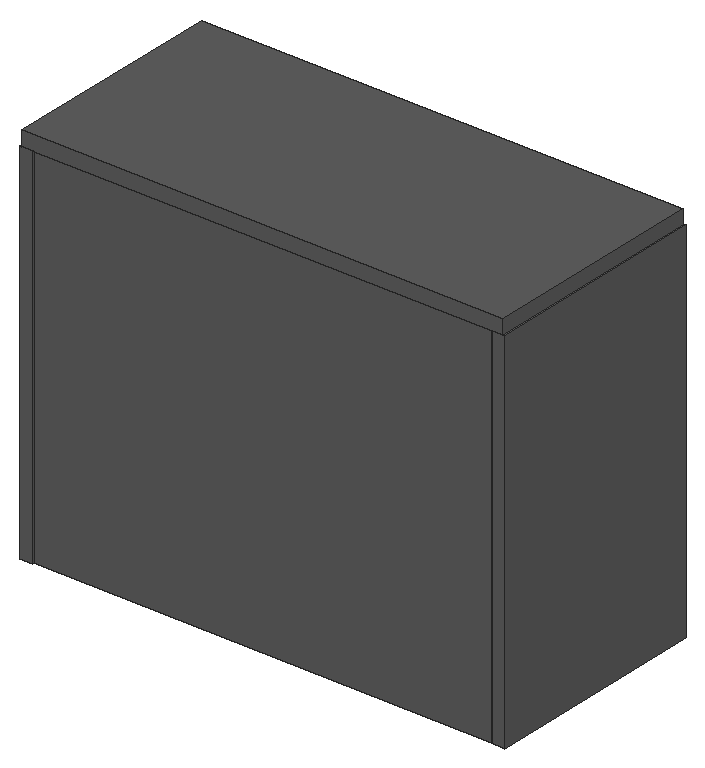
Revit family "SideUnit-60cm-WithDrawer-Vitra-OriginSeries-65698+65699+65700", category Furniture Systems, host Face, Revit 2017
Family settings
  Host = Face
  Round Connector Dimension = Use Diameter
  Part Type = Normal
  OmniClass Number = 23.40.00.00
  OmniClass Title = Equipment and Furnishings
  Cut with Voids When Loaded = No
  Shared = Yes
  Room Calculation Point = No
Parameters (values of type "SideUnit-60cm-Vitra-OriginSeries-65698")
  Youtube = "https://www.youtube.com/user/VitrAglobal"
  Weight Net (kg) = ""
  Warranty Period (Year) = "2"
  Uniformat II Description = "FURNISHINGS"
  Uniformat II Code = "E20"
  Uniclass 2015 Name = "Wash basins, sinks and troughs"
  Uniclass 2015 Code = "Pr_40_20_93"
  Uniclass 2.0 Description = "Bathroom Cabinets"
  Uniclass 2.0 Code = "PR-35-75-08"
  Uniclass 1.4 Description = "Bathroom Cabinets"
  Uniclass 1.4 Code = "L8241"
  URL = "https://vitraglobal.com/"
  UNSPSC Description = "Bathroom Cabinets"
  UNSPSC Code = ""
  Technical description = "https://www.vitraglobal.com/pdf/65698/"
  Tap hole Options (default) = ""
  Specification = ""
  Region South America = "All"
  Region Oceania = "All"
  Region North America = "All"
  Region Middle East = "All"
  Region Europe = "All"
  Region Asia = "All"
  Region Antarctica = "All"
  Region Africa = "All"
  Product url = "https://www.vitraglobal.com/bathroom-furniture/counters/storage-tables/origin-short-side-unit-with-drawer-sku-65698/"
  Product manual = ""
  Product group = "Short Side Unit"
  Product family = "Origin"
  Product data url = "https://www.bimobject.com/vitra-bathrooms/product/65698-65699-65700"
  Product certification = "https://www.vitraglobal.com/brochures/"
  Product SKU = "65698"
  Product Guid = "https://www.vitraglobal.com/uyeIslem/fileDownload.aspx?udkEnc=/FXbxrxBxkbMQjMzPRjVCdf6mbO9vEmCg5+njI+uzyqZOBYTbSJ3i5FVo+w3YOx8LcKi5VXAAY7UUYlywMBAfw==&lang=en-US"
  Primary Material = Patterned Black Oak
  OmniClass Description = "Bathroom Cabinets"
  OmniClass Code = "23-31 25 13"
  Nominal Width (mm) = 600 mm
  Nominal Height (mm) = 295 mm
  Nominal Depth (mm) = 480 mm
  NBS Referans Description = "Bathroom Cabinets"
  NBS Referans Code = "35-75-08"
  Mounting type = "Wall Mounted"
  Model = "65698"
  Masterformat 2014 Description = "Bathroom Unit Modules"
  Masterformat 2014 Code = "13 42 13"
  Manufacturer name = "Vitra"
  Manufacturer = "Vitra"
  Main Material = "Wood"
  Installation instructions = "https://www.vitraglobal.com/uyeIslem/fileDownload.aspx?udkEnc=0ctPr3kYP6jsbR9LwOGEewRE+omK02lAaNk1KkbCBt1ruvVjZ13dm3/91IsfIr3FNtp4OLWQ80SHCbGsNc31gw==&lang=en-US"
  IFC Classification = "Furniture"
  EAN code = ""
  Design country = "Turkey"
  Description = "Origin short side unit with drawer - 60cm - patterned black oak"
  Default Elevation = 660 mm
  Color = "Patterned black oak"
  COBIe Type Category = ""
  Brand = "VitrA"
  BIMobject category = "Bathroom compound units"
  Article No. (default) = "65698"
  Accessories (default) = ""
Types (4, lengths in mm): name | Technical description | Product url | Product data url | Product SKU | Product Guid | Primary Material | Model | Installation instructions | Description | Color | Article No. (default)
  (no name) | "https://www.vitraglobal.com/pdf/65698/" | "https://www.vitraglobal.com/bathroom-furniture/counters/storage-tables/origin-short-side-unit-with-drawer-sku-65698/" | "https://www.bimobject.com/vitra-bathrooms/product/65698-65699-65700" | "65698" | "https://www.vitraglobal.com/uyeIslem/fileDownload.aspx?udkEnc=/FXbxrxBxkbMQjMzPRjVCdf6mbO9vEmCg5+njI+uzyqZOBYTbSJ3i5FVo+w3YOx8LcKi5VXAAY7UUYlywMBAfw==&lang=en-US" | Patterned Black Oak | "65698" | "https://www.vitraglobal.com/uyeIslem/fileDownload.aspx?udkEnc=0ctPr3kYP6jsbR9LwOGEewRE+omK02lAaNk1KkbCBt1ruvVjZ13dm3/91IsfIr3FNtp4OLWQ80SHCbGsNc31gw==&lang=en-US" | "Origin short side unit with drawer - 60cm - patterned black oak" | "Patterned black oak" | "65698"
  SideUnit-60cm-Vitra-OriginSeries-65698 | "https://www.vitraglobal.com/pdf/65698/" | "https://www.vitraglobal.com/bathroom-furniture/counters/storage-tables/origin-short-side-unit-with-drawer-sku-65698/" | "https://www.bimobject.com/vitra-bathrooms/product/65698-65699-65700" | "65698" | "https://www.vitraglobal.com/uyeIslem/fileDownload.aspx?udkEnc=/FXbxrxBxkbMQjMzPRjVCdf6mbO9vEmCg5+njI+uzyqZOBYTbSJ3i5FVo+w3YOx8LcKi5VXAAY7UUYlywMBAfw==&lang=en-US" | Patterned Black Oak | "65698" | "https://www.vitraglobal.com/uyeIslem/fileDownload.aspx?udkEnc=0ctPr3kYP6jsbR9LwOGEewRE+omK02lAaNk1KkbCBt1ruvVjZ13dm3/91IsfIr3FNtp4OLWQ80SHCbGsNc31gw==&lang=en-US" | "Origin short side unit with drawer - 60cm - patterned black oak" | "Patterned black oak" | "65698"
  SideUnit-60cm-Vitra-OriginSeries-65699 | "https://www.vitraglobal.com/pdf/65699/" | "https://www.vitraglobal.com/bathroom-furniture/counters/storage-tables/origin-short-side-unit-with-drawer-sku-65699/" | "" | "65699" | "https://www.vitraglobal.com/uyeIslem/fileDownload.aspx?udkEnc=6c3h6+4ppITkXtq7dXg/zjBrH9s+LZYQWBiHZoFCZS+mU0pDrb14B5yaoEK3xznB8GOSQCT9+harsb9mu2YP/Q==&lang=en-US" | Elm | "65699" | "https://www.vitraglobal.com/uyeIslem/fileDownload.aspx?udkEnc=DKCPUdktFZG5Xjk6QodoQSsb052cD+OLx7VN+UYheuS5dnuRS5gCdq3mP03GSeKRiU2boS6D1kXN1xAlK2VJFQ==&lang=en-US" | "Origin short side unit with drawer - 60cm - Elm" | "Elm" | "65699"
  SideUnit-60cm-Vitra-OriginSeries-65700 | "https://www.vitraglobal.com/pdf/65700/" | "https://www.vitraglobal.com/bathroom-furniture/counters/storage-tables/origin-short-side-unit-with-drawer-sku-65700/" | "" | "65700" | "https://www.vitraglobal.com/uyeIslem/fileDownload.aspx?udkEnc=6c3h6+4ppITkXtq7dXg/zjBrH9s+LZYQWBiHZoFCZS+mU0pDrb14B5yaoEK3xznB8GOSQCT9+harsb9mu2YP/Q==&lang=en-US" | Flat Oak | "65700" | "https://www.vitraglobal.com/uyeIslem/fileDownload.aspx?udkEnc=DKCPUdktFZG5Xjk6QodoQSsb052cD+OLx7VN+UYheuS5dnuRS5gCdq3mP03GSeKRiU2boS6D1kXN1xAlK2VJFQ==&lang=en-US" | "Origin short side unit with drawer - 60cm - Flat Oak" | "Flat Oak" | "65700"
Reference planes
  plane 1 "Center (Front/Back)": y = 0
  plane 2: z = 0
  plane 3 "Center (Left/Right)": x = -8.77
  plane 4: z = 480
  plane 5: y = 128.583
  plane 6: y = -166.417
  plane 7: x = 317.276
  plane 8: x = -282.724
Forms (mm)
  Extrusion 1, solid, material "Patterned Black Oak" <- "Primary Material", detail levels medium+fine
    sketch origin (17.276, -165.417, 476) x (0, 1, 0) y (-1, 0, 0)
      loop
        line (277, 298) -> (-1, 298) -> (-1, -298) -> (277, -298) -> (277, 298)
    from 0 to -18
  Extrusion 2, solid, material "Patterned Black Oak" <- "Primary Material", detail levels medium+fine
    sketch origin (-282.724, 113.583, 229) x (0, 0, -1) y (1, 0, 0)
      loop
        line (229, 0) -> (229, 16) -> (-228.97, 16) -> (-228.97, 0) -> (229, 0)
      loop
        line (-228.97, 600) -> (-228.97, 584) -> (229, 584) -> (229, 600) -> (-228.97, 600)
    from 0 to 280
  Extrusion 3, solid, material "Patterned Black Oak" <- "Primary Material", detail levels medium+fine
    sketch origin (-266.724, -165.417, 228.5) x (0, 0, 1) y (1, 0, 0)
      loop
        line (-228.5, 0) -> (229.47, 0) -> (229.47, 568) -> (-228.5, 568) -> (-228.5, 0)
    from 0 to 16
  Extrusion 4, solid, detail levels medium+fine
    sketch origin (-266.724, 112.583, 50) x (0, 0, 1) y (1, 0, 0)
      loop
        line (50, 568) -> (-50, 568) -> (-50, 0) -> (50, 0) -> (50, 568)
      loop
        line (306.97, 0) -> (406.97, 0) -> (406.97, 568) -> (306.97, 568) -> (306.97, 0)
    from 0 to -16
  Extrusion 5, solid, detail levels coarse
    sketch origin (0, 0, 0) x (1, 0, 0) y (0, 1, 0)
      loop
        line (317.276, 128.583) -> (-280.724, 128.583) -> (-280.724, -166.417) -> (317.276, -166.417) -> (317.276, 128.583)
    from 0 to 476
  Extrusion 6, void
    sketch origin (0, 0, 0) x (1, 0, 0) y (0, 1, 0)
      loop
        line (-266.724, 113.583) -> (-266.724, -166.417) -> (301.276, -166.417) -> (301.276, 113.583) -> (-266.724, 113.583)
    from 458 to 938
Dimensions and locks
  "Nominal Depth (mm)": plane 4 to host face
  "Nominal Width (mm)": plane 8 to plane 7
  "Nominal Height (mm)": plane 5 to plane 6
  aligned and locked: plane 2 to host face
  aligned and locked: level to host face
  aligned and locked: Extrusion 3 to Extrusion 2  (x3)
  aligned and locked: Extrusion 4 to Extrusion 2  (x4)
  aligned and locked: Extrusion 1 to Extrusion 2
Automatic sketch dimensions
  host sketch curve to host sketch curve = 2438.4 mm  (x2)
  Extrusion 1 sketch curve to plane 6 = 0 mm
  plane 7 to Extrusion 1 sketch curve = 2 mm
  Extrusion 1 sketch curve to plane 5 = 17 mm
  Extrusion 1 sketch curve to plane 8 = 2 mm
  plane 8 to Extrusion 2 sketch curve = 0 mm
  plane 7 to Extrusion 2 sketch curve = 0 mm
  Extrusion 2 sketch curve to level = 0 mm  (x2)
  Extrusion 2 sketch curve to plane 4 = 22.03 mm  (x2)
  Extrusion 2 sketch curve to plane 8 = 16 mm
  Extrusion 2 sketch curve to Extrusion 2 sketch curve = 16 mm
  Extrusion 3 sketch curve to level = 0 mm
  Extrusion 3 sketch curve to plane 4 = 22.03 mm
  Extrusion 3 sketch curve to plane 8 = 16 mm
  plane 7 to Extrusion 3 sketch curve = 16 mm
  Extrusion 4 sketch curve to level = 0 mm
  Extrusion 4 sketch curve to plane 8 = 16 mm  (x2)
  level to Extrusion 4 sketch curve = 100 mm
  Extrusion 4 sketch curve to plane 4 = 123.03 mm
  Extrusion 4 sketch curve to plane 4 = 23.03 mm
  plane 7 to Extrusion 4 sketch curve = 16 mm  (x2)
  Extrusion 5 sketch curve to plane 5 = 0 mm
  Extrusion 5 sketch curve to plane 6 = 0 mm
  Extrusion 5 sketch curve to plane 7 = 0 mm
  Extrusion 5 sketch curve to plane 8 = 2 mm
  Extrusion 6 sketch curve to plane 6 = 0 mm
  Extrusion 6 sketch curve to plane 8 = 16 mm
  plane 7 to Extrusion 6 sketch curve = 16 mm
  Extrusion 6 sketch curve to plane 5 = 15 mm
